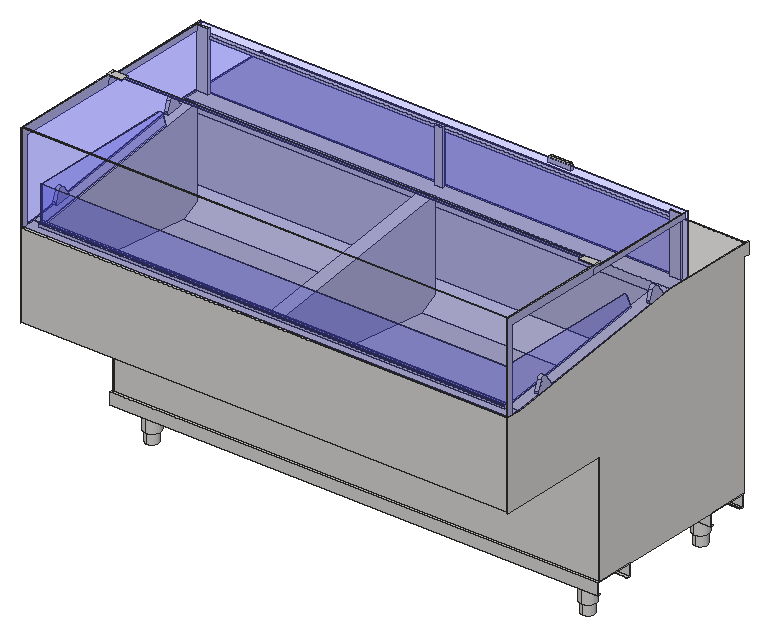
Revit family "Food-Service-Equipment_Oscartek_Rosa-Premium_RDPC1700", category Specialty Equipment, Revit 2026
Family settings
  Round Connector Dimension = Use Diameter
  Part Type = Normal
  Classification Number = 23.40.40.11
  Work Plane-Based = No
  Enable Cutting in Views = No
  Always vertical = Yes
  Cut with Voids When Loaded = No
  Maintain Annotation Orientation = No
  Shared = No
  Room Calculation Point = No
Parameters
  Width = 66.93"
  Weight in Pounds = 0
  Watts = FL Amps * Volts  # 0 W
  Volts = 120 V
  URL Cutsheet = "www.oscartek.com"
  URL = "www.oscartek.com"
  Type Mark [instance] = ""
  Type Comments = "As Specified"
  Test Data = "http://www.oscartek.com/company/clients.php"
  Status [instance] = ""
  Specification by User [instance] = ""
  Specification by Manufacturer = ""
  Specification = "https://www.arcat.com/arcatcos/cos48/arc48760.html"
  Show Fixed Top Front Glass [instance] = no
  Show Clearance [instance] = yes
  Serial Number = ""
  Seismic Rating = ""
  Sales Information = "http://www.oscartek.com/company/contact.php"
  SMACNA No = ""
  Revision Code [instance] = ""
  Revision = "R1_2018-10"
  Product Data = "http://www.oscartek.com/support/manuals/"
  Plumbing Remarks = ""
  Plumbing Connection Type = ""
  Phase = 1
  Omniclass Number and Title = ""
  Number of Poles [instance] = 1
  NAFEM Spec ID Number = ""
  Model = "RDPC1700"
  Min Ckt Ampacity = 0 A
  Max Overcurrent Protection = 0 A
  Masterspec = ""
  Manufacturer Website = "http://www.oscartek.com/index.php"
  Manufacturer Phone - Toll Free = "855-885-2400"
  Manufacturer Phone = "650-342-2400"
  Manufacturer Fax = "650-342-7400"
  Manufacturer Address = "361 Beach Rd., Burlingame, CA 94010"
  Manufacturer = "OSCARTEK"
  Item Number [instance] = ""
  Installed By [instance] = ""
  Installation-Fabrication = "http://www.oscartek.com/support/manuals/"
  Indirect Waste Size = 2"
  Indirect Waste Flow = 0 GPM
  Indirect Waste Connection Type = ""
  Indirect Waste Connection Height = 0.00"
  Identify Quantity as Lot [instance] = yes
  Height = 45.25"
  HP = ""
  Green Building-LEED = "https://www.arcat.com/green/green_building.shtml"
  Furnished By [instance] = ""
  Foodservice Equipment Identifier [instance] = yes
  FL Amps = 0 A
  Electrical Remarks [instance] = ""
  Electric Connection Type [instance] = ""
  Elec Conn RI Height [instance] = 0.00"
  Elec Conn Connection Height [instance] = 0.00"
  Drawn By = "Sumex Design, Inc. / Robert S. Weygant, CSI, CDT, SCIP"
  Description = "ROSA PREMIUM DELI-PASTRY-CHOCOLATE"
  Depth = 41.25"
  Default Elevation = 0.00"
  Cycle = 60 Hz
  Copyright = "©Arcat Inc."
  Construction Details = "http://www.oscartek.com/support/manuals/"
  Conn Plug = ""
  Conn Conduit = yes
  Clearance [instance] = yes
  Category = ""
  CSI MasterFormat = "11 41 33"
  CSI Master Format = "Foodservice Shelving"
  Building Codes = "https://www.arcat.com/arcatcos/cos48/arc48760.html"
  Apparent Power = if(Phase = 3, Volts * FL Amps * 1.73, Volts * FL Amps)  # 0 VA
Reference planes (in)
  plane 1 "BACK": y = 0
  plane 2: z = 0
  plane 3 "LEFT": x = 0
  plane 4 "RIGHT": x = 66.93
  plane 5 "FRONT": y = -41.25
  plane 6 "TOP": z = 45.25
  plane 7 "Center Y": x = 33.465
  plane 8 "Center X": y = -20.625
  plane 9: z = 6
  plane 10: z = 22.03471
  plane 11: z = 21.28711
  plane 12: x = 3.55817
  plane 13: x = 63.37183
  plane 14: y = -23.0828
  plane 15: y = -3.72373
  plane 16: y = -25.44682
  plane 17: z = 43.97317
  plane 18: x = 49.65478
  plane 19: x = 1.52522
Forms (in)
  Extrusion 1, solid, material "QF_Metal-Stainless-Polished"
    sketch origin (0, 0, 0) x (0, 1, 0) y (0, 0, 1)
      loop
        line (0, 35.0588) -> (0, 36.63271) -> (-13.29763, 36.63271) -> (-39.098, 33.0067) -> (-41.25, 33.0067) -> (-41.25, 21.28711) -> (-25.44662, 21.28711) -> (-25.44662, 6) -> (-0.77573, 6) -> (-0.77573, 35.4208) -> (-0.69664, 35.4208) -> (-0.69664, 35.0588) -> (0, 35.0588)
    from 0 to 0.125
  Extrusion 2, solid, material "QF_Metal-Stainless-Polished"
    sketch origin (66.93, 0, 0) x (0, -1, 0) y (0, 0, 1)
      loop
        line (0, 35.0588) -> (0.69664, 35.0588) -> (0.69664, 35.4208) -> (0.77573, 35.4208) -> (0.77573, 6) -> (25.44662, 6) -> (25.44662, 21.28711) -> (41.25, 21.28711) -> (41.25, 33.0067) -> (39.098, 33.0067) -> (13.29763, 36.63271) -> (0, 36.63271) -> (0, 35.0588)
    from 0 to 0.125
  Extrusion 3, solid, material "QF_Metal-Stainless-Polished"
    sketch origin (0.125, 0, 0) x (0, 1, 0) y (0, 0, 1)
      loop
        line (-11.59635, 35.4208) -> (-11.59635, 25.46655) -> (-15.39418, 23.26933) -> (-39.13974, 25.76509) -> (-39.13974, 33.0067) -> (-41.25, 33.0067) -> (-41.25, 21.4208) -> (-9.62896, 21.4208) -> (-9.62896, 35.4208) -> (-0.65768, 35.4208) -> (-0.65768, 35.0588) -> (0, 35.0588) -> (0, 36.22682)
        arc (0, 36.22682) -> (-0.11888, 36.51382) -> (-0.40589, 36.63271) r 0.40589
        line (-0.40589, 36.63271) -> (-13.25289, 36.63271) -> (-13.25289, 35.4208) -> (-11.59635, 35.4208)
    from 0 to 66.68
  Extrusion 4, solid, material "QF_Metal-Stainless-Polished"
    sketch origin (66.93, -25.44662, 21.28711) x (0, 0, -1) y (1, 0, 0)
      loop
        line (-0.13369, -0.125) -> (-0.13369, -66.805) -> (15.28711, -66.805) -> (15.28711, -0.125) -> (-0.13369, -0.125)
    from 0 to -1
  Extrusion 5, solid, material "QF_Metal-Stainless-Polished"
    sketch origin (0.125, 0, 0) x (0, 1, 0) y (0, 0, 1)
      loop
        line (-9.62896, 35.4208) -> (-9.62896, 21.28711) -> (-0.77573, 21.28711) -> (-0.77573, 22.03471) -> (-8.88136, 22.03471) -> (-8.88136, 27.5966) -> (-0.96594, 28.58602) -> (-1.05867, 29.32786) -> (-8.88136, 28.35002) -> (-8.88136, 34.66533) -> (-0.77573, 34.66533) -> (-0.77573, 35.4208) -> (-9.62896, 35.4208)
    from 0 to 66.68
  Extrusion 6, solid, material "QF_Metal-Stainless-Polished"
    sketch origin (66.93, -0.77573, 6) x (-1, 0, 0) y (0, 1, 0)
      loop
        line (65.33923, -23.67089) -> (65.33923, 0) -> (0.125, 0) -> (0.125, -23.67089) -> (65.33923, -23.67089)
    from 0 to -0.125
  Extrusion 7, solid, material "QF_Metal-Stainless-Polished"
    sketch origin (66.93, -0.77573, 35.4208) x (0, 0, -1) y (-1, 0, 0)
      loop
        line (14.13369, 1.59359) -> (14.13369, 0.125) -> (29.2958, 0.125) -> (29.2958, 1.59359) -> (14.13369, 1.59359)
      loop
        line (14.13369, 19.6543) -> (29.2958, 19.6543) -> (29.2958, 21.26756) -> (14.13369, 21.26756) -> (14.13369, 19.6543)
      loop
        line (14.13369, 65.33923) -> (29.2958, 65.33923) -> (29.2958, 66.805) -> (14.13369, 66.805) -> (14.13369, 65.33923)
      loop
        line (28.75251, 58.52054) -> (28.75251, 59.00084) -> (14.13369, 59.00084) -> (14.13369, 58.52054) -> (28.75251, 58.52054)
    from 0 to -23.67089
  Extrusion 8, solid, material "QF_Metal-Stainless-Polished"
    sketch origin (66.93, -0.77573, 35.4208) x (0, 0, -1) y (-1, 0, 0)
      loop
        line (29.2958, 1.59359) -> (29.2958, 19.6543) -> (14.13369, 19.6543) -> (14.13369, 1.59359) -> (29.2958, 1.59359)
    from 0 to -0.125
  Extrusion 9, solid, material "QF_Metal-Stainless-Polished"
    sketch origin (0, 0, 0) x (0, 1, 0) y (0, 0, 1)
      loop
        line (-6.48102, 4.37153) -> (-6.06, 4.37153) -> (-6.06, 4.43842) -> (-6.422, 4.43842) -> (-6.422, 5.9375) -> (-1.02546, 5.9375) -> (-1.02546, 4.43842) -> (-1.38746, 4.43842) -> (-1.38746, 4.37153) -> (-0.96644, 4.37153) -> (-0.96644, 6) -> (-6.48102, 6) -> (-6.48102, 4.37153)
      loop
        line (-25.84009, 4.37153) -> (-25.41907, 4.37153) -> (-25.41907, 4.43842) -> (-25.78107, 4.43842) -> (-25.78107, 5.9375) -> (-20.38453, 5.9375) -> (-20.38453, 4.43842) -> (-20.74653, 4.43842) -> (-20.74653, 4.37153) -> (-20.32551, 4.37153) -> (-20.32551, 6) -> (-25.84009, 6) -> (-25.84009, 4.37153)
    from 0 to 66.93
  Revolve 10, solid, material "QF_Metal-Stainless-Polished"
    sketch origin (3.55817, -180, 1.47948) x (0, 0, -1) y (0, -1, 0)
      loop
        line (1.47948, -156.9172) -> (-4.52052, -156.9172) -> (-4.52052, -158.59046) -> (-3.61998, -158.59046) -> (-3.61998, -158.01598) -> (0.00001, -158.01598) -> (0.00001, -157.7799) -> (1.47948, -157.7799) -> (1.47948, -156.9172)
      axis (-4.52052, -156.9172) -> (1.47948, -156.9172)
    angle from 0 to 360
  Revolve 11, solid, material "QF_Metal-Stainless-Polished"
    sketch origin (63.37183, -180, 1.47948) x (0, 0, -1) y (0, -1, 0)
      loop
        line (1.47948, -156.9172) -> (-4.52052, -156.9172) -> (-4.52052, -158.59046) -> (-3.61998, -158.59046) -> (-3.61998, -158.01598) -> (0.00001, -158.01598) -> (0.00001, -157.7799) -> (1.47948, -157.7799) -> (1.47948, -156.9172)
      axis (-4.52052, -156.9172) -> (1.47948, -156.9172)
    angle from 0 to 360
  Revolve 12, solid, material "QF_Metal-Stainless-Polished"
    sketch origin (3.55817, -160.64093, 1.47948) x (0, 0, -1) y (0, -1, 0)
      loop
        line (1.47948, -156.9172) -> (-4.52052, -156.9172) -> (-4.52052, -158.59046) -> (-3.61998, -158.59046) -> (-3.61998, -158.01598) -> (0.00001, -158.01598) -> (0.00001, -157.7799) -> (1.47948, -157.7799) -> (1.47948, -156.9172)
      axis (-4.52052, -156.9172) -> (1.47948, -156.9172)
    angle from 0 to 360
  Revolve 13, solid, material "QF_Metal-Stainless-Polished"
    sketch origin (63.37183, -180, 1.47948) x (0, 0, -1) y (0, -1, 0)
      loop
        line (1.47948, -176.27627) -> (-4.52052, -176.27627) -> (-4.52052, -177.94953) -> (-3.61998, -177.94953) -> (-3.61998, -177.37505) -> (0.00001, -177.37505) -> (0.00001, -177.13897) -> (1.47948, -177.13897) -> (1.47948, -176.27627)
      axis (-4.52052, -176.27627) -> (1.47948, -176.27627)
    angle from 0 to 360
  Extrusion 14, solid, material "Glass"
    sketch origin (0, 0, 0) x (0, -1, 0) y (0, 0, 1)
      loop
        line (41.1859, 45.25) -> (25.44682, 45.25) -> (25.44682, 44.85652) -> (10.21926, 44.85652) -> (10.21926, 36.63271) -> (13.29763, 36.63271) -> (39.098, 33.0067) -> (41.1859, 33.0067) -> (41.1859, 45.25)
    from 0 to -0.125
  Extrusion 15, solid, material "Glass"
    sketch origin (66.93, 0, 0) x (0, 1, 0) y (0, 0, 1)
      loop
        line (-41.1859, 45.25) -> (-41.1859, 33.0067) -> (-39.098, 33.0067) -> (-13.29763, 36.63271) -> (-10.21926, 36.63271) -> (-10.21926, 44.85652) -> (-25.44682, 44.85652) -> (-25.44682, 45.25) -> (-41.1859, 45.25)
    from 0 to -0.125
  Extrusion 16, solid, material "Glass"
    sketch origin (0, -41.1859, 45.25) x (0, 0, -1) y (1, 0, 0)
      loop
        line (0, 0.125) -> (12.2433, 0.125) -> (12.2433, 66.805) -> (0, 66.805) -> (0, 0.125)
    from 0 to -0.125
  Extrusion 17, solid, material "Glass"
    sketch origin (15.875, -72.68116, 45.25) x (0, 1, 0) y (-1, 0, 0)
      loop
        line (31.62026, -50.93) -> (47.23434, -50.93) -> (47.23434, 15.75) -> (31.62026, 15.75) -> (31.62026, -50.93)
    from 0 to -0.125
  Extrusion 18, solid, material "Glass"
    sketch origin (66.93, -25.44682, 44.85652) x (0, 1, 0) y (-1, 0, 0)
      loop
        line (15.22756, 0.125) -> (15.22756, 66.805) -> (0, 66.805) -> (0, 0.125) -> (15.22756, 0.125)
    from 0 to -0.125
  Extrusion 19, solid, material "QF_Metal-Stainless-Polished"
    sketch origin (66.93, 0, 0) x (0, 1, 0) y (0, 0, 1)
      loop
        line (-39.62534, 33.10521) -> (-39.62534, 33.40018) -> (-39.8811, 33.40018) -> (-39.92044, 33.36083) -> (-39.92044, 33.0067) -> (-39.13349, 33.0067) -> (-39.13349, 33.36083) -> (-39.17284, 33.40018) -> (-39.42698, 33.40018) -> (-39.42698, 33.10521) -> (-39.62534, 33.10521)
    from -1.52522 to -65.40478
  Extrusion 20, solid, material "Glass"
    sketch origin (65.40478, 0, 0) x (0, 1, 0) y (0, 0, 1)
      loop
        line (-39.44827, 33.10521) -> (-39.44827, 38.1219) -> (-39.60566, 38.1219) -> (-39.60566, 33.10521) -> (-39.44827, 33.10521)
    from 0 to -63.87955
  Extrusion 21, solid, material "QF_Metal-Stainless-Polished"
    sketch origin (66.805, 0, 0) x (0, -1, 0) y (0, 0, 1)
      loop
        line (39.13974, 33.00083) -> (13.25289, 36.63899) -> (13.25289, 24.50817) -> (15.39418, 23.26933) -> (39.13974, 25.76509) -> (39.13974, 33.00083)
    from 0 to 1.6974
  Extrusion 22, solid, material "QF_Metal-Stainless-Polished"
    sketch origin (0.125, 0, 0) x (0, -1, 0) y (0, 0, -1)
      loop
        line (39.13974, -33.00083) -> (39.13974, -25.76509) -> (15.39418, -23.26933) -> (13.25289, -24.50817) -> (13.25289, -36.63899) -> (39.13974, -33.00083)
    from 0 to 1.6974
  Extrusion 23, solid, material "Glass"
    sketch origin (65.40478, 0, 0) x (0, 1, 0) y (0, 0, 1)
      loop
        line (-19.503, 38.1219) -> (-39.4423, 38.1219) -> (-39.4423, 33.0067) -> (-39.098, 33.0067) -> (-18.16116, 35.94918) -> (-18.76351, 37.6041)
        arc (-18.76351, 37.6041) -> (-19.05162, 37.97958) -> (-19.503, 38.1219) r 0.78695
    from 0 to -0.125
  Extrusion 24, solid, material "Glass"
    sketch origin (1.52522, 0, 0) x (0, -1, 0) y (0, 0, 1)
      loop
        arc (19.503, 38.1219) -> (19.05162, 37.97958) -> (18.76351, 37.6041) r 0.78695
        line (18.76351, 37.6041) -> (18.16116, 35.94918) -> (39.098, 33.0067) -> (39.4423, 33.0067) -> (39.4423, 38.1219) -> (19.503, 38.1219)
    from 0 to -0.125
  Extrusion 25, solid, material "QF_Metal-Stainless-Polished"
    sketch origin (66.805, 0, 0) x (0, -1, 0) y (0, 0, 1)
      loop
        line (25.44682, 44.08334) -> (40.39895, 44.08334) -> (40.39895, 33.0067) -> (41.1859, 33.0067) -> (41.1859, 45.25) -> (25.44682, 45.25) -> (25.44682, 44.08334)
    from 0 to 0.125
  Extrusion 26, solid, material "QF_Metal-Stainless-Polished"
    sketch origin (0.125, 0, 0) x (0, 1, 0) y (0, 0, 1)
      loop
        line (-25.44682, 44.08334) -> (-25.44682, 45.25) -> (-41.1859, 45.25) -> (-41.1859, 33.0067) -> (-40.39895, 33.0067) -> (-40.39895, 44.08334) -> (-25.44682, 44.08334)
    from 0 to 0.125
  Extrusion 27, solid, material "QF_Metal-Stainless-Polished"
    sketch origin (66.805, 0, 0) x (0, -1, 0) y (0, 0, 1)
      loop
        line (34.52344, 35.17744) -> (33.73363, 34.04948)
        arc (33.73363, 34.04948) -> (33.70856, 33.87107) -> (33.83816, 33.74592) r 0.19842
        line (33.83816, 33.74592) -> (35.62083, 33.49539)
        arc (35.62083, 33.49539) -> (35.7799, 33.57997) -> (35.80497, 33.75837) r 0.19842
        line (35.80497, 33.75837) -> (35.35667, 35.06034)
        arc (35.35667, 35.06034) -> (34.97594, 35.37419) -> (34.52344, 35.17744) r 0.47217
      loop
        line (15.3827, 37.8675) -> (14.59289, 36.73954)
        arc (14.59289, 36.73954) -> (14.56803, 36.56264) -> (14.69653, 36.43855) r 0.19674
        line (14.69653, 36.43855) -> (16.48165, 36.18767)
        arc (16.48165, 36.18767) -> (16.63937, 36.27153) -> (16.66423, 36.44843) r 0.19674
        line (16.66423, 36.44843) -> (16.21593, 37.7504)
        arc (16.21593, 37.7504) -> (15.83519, 38.06425) -> (15.3827, 37.8675) r 0.47217
    from 0 to 0.5
  Extrusion 28, solid, material "QF_Metal-Stainless-Polished"
    sketch origin (0.125, 0, 0) x (0, 1, 0) y (0, 0, 1)
      loop
        arc (-34.52344, 35.17744) -> (-34.97594, 35.37419) -> (-35.35667, 35.06034) r 0.47217
        line (-35.35667, 35.06034) -> (-35.80497, 33.75837)
        arc (-35.80497, 33.75837) -> (-35.7799, 33.57997) -> (-35.62083, 33.49539) r 0.19842
        line (-35.62083, 33.49539) -> (-33.83816, 33.74592)
        arc (-33.83816, 33.74592) -> (-33.70856, 33.87107) -> (-33.73363, 34.04948) r 0.19842
        line (-33.73363, 34.04948) -> (-34.52344, 35.17744)
      loop
        arc (-15.3827, 37.8675) -> (-15.83519, 38.06425) -> (-16.21593, 37.7504) r 0.47217
        line (-16.21593, 37.7504) -> (-16.66423, 36.44843)
        arc (-16.66423, 36.44843) -> (-16.63937, 36.27153) -> (-16.48165, 36.18767) r 0.19674
        line (-16.48165, 36.18767) -> (-14.69653, 36.43855)
        arc (-14.69653, 36.43855) -> (-14.56803, 36.56264) -> (-14.59289, 36.73954) r 0.19674
        line (-14.59289, 36.73954) -> (-15.3827, 37.8675)
    from 0 to 0.5
  Extrusion 29, solid, material "QF_Metal-Stainless-Polished"
    sketch origin (15.875, -72.68116, 45.25) x (0, 1, 0) y (-1, 0, 0)
      loop
        line (47.23434, 15.875) -> (46.23413, 15.875) -> (46.23413, 13.8228) -> (47.23434, 13.8228) -> (47.23434, 15.875)
      loop
        line (47.23434, -51.055) -> (47.23434, -49.0028) -> (46.23413, -49.0028) -> (46.23413, -51.055) -> (47.23434, -51.055)
    from 0 to 0.125
  Extrusion 30, solid, material "QF_Metal-Stainless-Polished"
    sketch origin (0.125, -11.04556, 43.90338) x (0, 0, 1) y (-1, 0, 0)
      loop
        line (0.95314, -0.125) -> (-7.10536, -0.125) -> (-7.10536, -1.67714) -> (0.95314, -1.67714) -> (0.95314, -0.125)
      loop
        line (0.95314, -66.555) -> (0.95314, -65.00286) -> (-7.10536, -65.00286) -> (-7.10536, -66.555) -> (0.95314, -66.555)
      loop
        line (-7.27068, -32.76913) -> (-7.27068, -33.903) -> (0.14627, -33.903) -> (0.14627, -32.76913) -> (-7.27068, -32.76913)
    from 0 to 0.25
  Extrusion 31, solid, material "QF_Metal-Stainless-Polished"
    sketch origin (66.805, -10.21926, 44.85652) x (-1, 0, 0) y (0, 0, 1)
      loop
        arc (16.40114, 0.17913) -> (16.1229, 0.06388) -> (16.00766, -0.21435) r 0.39348
        line (16.00766, -0.21435) -> (16.00766, -0.67482) -> (19.15549, -0.67482) -> (19.15549, -0.21435)
        arc (19.15549, -0.21435) -> (19.04024, 0.06388) -> (18.76201, 0.17913) r 0.39348
        line (18.76201, 0.17913) -> (16.40114, 0.17913)
    from 0 to 0.25
  Extrusion 32, solid, material "QF_Metal-Stainless-Polished"
    sketch origin (0.125, 0, 0) x (0, 1, 0) y (0, 0, 1)
      loop
        line (-26.43051, 44.7975) -> (-26.43051, 44.12269) -> (-10.68356, 44.12269) -> (-10.68356, 44.7975) -> (-26.43051, 44.7975)
    from 0 to 0.125
  Extrusion 33, solid, material "QF_Metal-Stainless-Polished"
    sketch origin (66.805, 0, 0) x (0, -1, 0) y (0, 0, 1)
      loop
        line (26.43051, 44.7975) -> (10.68356, 44.7975) -> (10.68356, 44.12269) -> (26.43051, 44.12269) -> (26.43051, 44.7975)
    from 0 to 0.125
  Extrusion 34, solid, material "Glass"
    sketch origin (65.12786, -11.04556, 44.85652) x (0, 0, -1) y (0, -1, 0)
      loop
        line (0.9227, 0) -> (0.9227, -0.27543) -> (8.0585, -0.27543) -> (8.0585, 0) -> (0.9227, 0)
    from 0 to 31.09986
  Extrusion 35, solid, material "QF_Metal-Stainless-Polished"
    sketch origin (1.80214, -11.04556, 44.85652) x (0, 0, -1) y (0, 1, 0)
      loop
        line (0.88336, -0.05902) -> (1.27683, -0.05902) -> (1.27683, -0.01967) -> (0.9227, -0.01967) -> (0.9227, 0.29511) -> (1.27683, 0.29511) -> (1.27683, 0.33446) -> (0.88336, 0.33446) -> (0.88336, -0.05902)
    from 0 to 63.32573
  Extrusion 36, solid, material "QF_Metal-Stainless-Polished"
    sketch origin (66.93, -0.77573, 35.4208) x (0, 0, -1) y (-1, 0, 0)
      loop
        line (16.75243, 7.00393) -> (16.75243, 14.23298) -> (15.30308, 14.23298) -> (15.30308, 7.00393) -> (16.75243, 7.00393)
    from 0 to 0.125
  Extrusion 37, solid, material "QF_Metal-Stainless-Polished"
    sketch origin (66.93, -0.77573, 6) x (0, -1, 0) y (-1, 0, 0)
      loop
        circle (15.93285, 3.93606) r 0.64945
      loop
        circle (15.93285, 5.05621) r 0.25
      loop
        circle (15.93285, 62.99394) r 0.64945
    from 0 to 0.125
  Extrusion 38, solid, material "QF_Metal-Stainless-Polished"
    sketch origin (66.93, -0.77573, 35.4208) x (0, 0, -1) y (-1, 0, 0)
      loop
        line (28.75251, 59.00084) -> (28.75251, 21.26756) -> (29.2958, 21.26756) -> (29.2958, 59.00084) -> (28.75251, 59.00084)
    from 0 to -23.67089
  Extrusion 39, solid, material "Glass"
    sketch origin (32.89413, -11.04556, 36.72095) x (0, 0, -1) y (0, -1, 0)
      loop
        line (-7.21287, 0) -> (-7.21287, -0.27543) -> (-0.07708, -0.27543) -> (-0.07708, 0) -> (-7.21287, 0)
    from 0 to 31.09986
  Extrusion 40, solid, material "QF_Metal-Stainless-Polished"
    sketch origin (33.465, 6.90541, 48) x (0, 1, 0) y (0, 0, 1)
      loop
        line (-46.04515, -14.99917) -> (-46.04515, -22.23491) -> (-22.29959, -24.73067) -> (-20.15829, -23.49183) -> (-20.15829, -11.36101) -> (-46.04515, -14.99917)
    from -1 to 1
  Extrusion 41, solid, material "QF_Metal-Stainless-Polished"
    sketch origin (66.93, -0.65073, 35.34409) x (0, 0, -1) y (-1, 0, 0)
      loop
        line (15.44754, 8.35075) -> (16.35673, 8.35075) -> (16.35673, 12.93085) -> (15.44754, 12.93085) -> (15.44754, 8.35075)
    from 0 to 0.125
  Extrusion 42, solid, material "QF_Metal-Stainless-Polished"
    sketch origin (66.93, -0.52573, 35.34409) x (0, 0, -1) y (-1, 0, 0)
      loop
        line (15.82413, 10.59358) -> (15.82413, 11.08149) -> (15.46655, 11.08149) -> (15.46655, 10.59358) -> (15.82413, 10.59358)
      loop
        line (15.82413, 11.20347) -> (15.82413, 11.69139) -> (15.46655, 11.69139) -> (15.46655, 11.20347) -> (15.82413, 11.20347)
      loop
        line (15.82413, 11.81336) -> (15.82413, 12.30128) -> (15.46655, 12.30128) -> (15.46655, 11.81336) -> (15.82413, 11.81336)
      loop
        line (15.82413, 12.42326) -> (15.82413, 12.91117) -> (15.46655, 12.91117) -> (15.46655, 12.42326) -> (15.82413, 12.42326)
      loop
        line (15.98771, 12.42326) -> (16.33769, 12.42326) -> (16.33769, 12.91117) -> (15.98771, 12.91117) -> (15.98771, 12.42326)
      loop
        line (15.98771, 12.30128) -> (15.98771, 11.81336) -> (16.33769, 11.81336) -> (16.33769, 12.30128) -> (15.98771, 12.30128)
      loop
        line (15.98771, 11.69139) -> (15.98771, 11.20347) -> (16.33769, 11.20347) -> (16.33769, 11.69139) -> (15.98771, 11.69139)
      loop
        line (15.98771, 11.08149) -> (15.98771, 10.59358) -> (16.33769, 10.59358) -> (16.33769, 11.08149) -> (15.98771, 11.08149)
      loop
        line (16.33769, 10.41258) -> (15.46655, 10.41258) -> (15.46655, 8.37042) -> (16.33769, 8.37042) -> (16.33769, 10.41258)
    from 0 to 0.0625
Lines and regions (in)
  Split face 1
    outline origin (66.93, -0.77573, 35.4208) x (0, 0, -1) y (-1, 0, 0)
      loop
        line (29.21549, 5.24902) -> (29.21549, 16.01487) -> (21.47268, 16.01487) -> (18.44964, 12.99183) -> (18.44964, 5.24902) -> (29.21549, 5.24902)
  symbolic lines
    curve 1: line (0, 0, 0) -> (66.93, 0, 0)
    curve 2: line (0, -41.25, 0) -> (0, 0, 0)
    curve 3: line (66.93, -41.25, 0) -> (0, -41.25, 0)
    curve 4: line (66.93, 0, 0) -> (66.93, -41.25, 0)
    curve 5: line (66.805, -25.44682, 0) -> (0.125, -25.44682, 0)
    curve 6: line (66.805, -10.21926, 0) -> (0.125, -10.21926, 0)
    curve 7: line (64.8778, -26.44703, 0) -> (66.93, -26.44703, 0)
    curve 8: line (64.8778, -25.44682, 0) -> (64.8778, -26.44703, 0)
    curve 9: line (0, -26.44703, 0) -> (2.0522, -26.44703, 0)
    curve 10: line (2.0522, -26.44703, 0) -> (2.0522, -25.44682, 0)
Dimensions and locks (in)
  equal spacing: plane 3 "LEFT", plane 7 "Center Y", plane 4 "RIGHT"
  "Width": plane 3 "LEFT" to plane 4 "RIGHT"
  equal spacing: plane 5 "FRONT", plane 8 "Center X", plane 1 "BACK"
  "Depth": plane 5 "FRONT" to plane 1 "BACK"
  "Height": plane 6 "TOP" to level
  plane 5 "FRONT" to plane 1 "BACK" = 41.25"
  plane 6 "TOP" to level = 45.25"
  plane 2 to plane 9 = 6.00"
  locked: plane 4 "RIGHT" to plane 13 at 3.55817
  aligned and locked: level to plane 2
  aligned and locked: Extrusion 3 to Extrusion 2
  aligned and locked: Extrusion 4 to Extrusion 1
  aligned and locked: Extrusion 9 to plane 4 "RIGHT"
  aligned and locked: Extrusion 6 to Extrusion 7
Automatic sketch dimensions
  plane 1 "BACK" to curve 1 = 0.00"
  curve 1 to plane 3 "LEFT" = 0.00"
  curve 4 to plane 4 "RIGHT" = 0.00"
  plane 5 "FRONT" to curve 3 = 0.00"
  curve 10 to plane 19 = 0.52698"
  plane 13 to curve 7 = 1.50596"
  curve 9 to plane 14 = 3.36423"
  curve 8 to plane 14 = 3.36423"
  plane 3 "LEFT" to curve 6 = 0.125"
  plane 3 "LEFT" to curve 5 = 0.125"
  plane 4 "RIGHT" to curve 5 = 0.125"
  plane 4 "RIGHT" to curve 6 = 0.125"
  curve 7 to curve 5 = 1.00021"
  curve 6 to plane 15 = 6.49553"
  Extrusion 1 sketch curve to plane 5 "FRONT" = 0.00"
  plane 9 to Extrusion 1 sketch curve = 0.00"
  Extrusion 1 sketch curve to plane 1 "BACK" = 0.00"
  Extrusion 1 sketch curve to plane 5 "FRONT" = 2.152"
  plane 11 to Extrusion 1 sketch curve = 0.00"
  Extrusion 1 sketch curve to plane 14 = 2.36381"
  plane 8 "Center X" to Extrusion 1 sketch curve = 7.32737"
  plane 1 "BACK" to Extrusion 1 sketch curve = 0.77573"
  Extrusion 1 sketch curve to Extrusion 1 sketch curve = 0.07909"
  Extrusion 1 sketch curve to plane 17 = 10.96647"
  Extrusion 1 sketch curve to plane 17 = 8.91437"
  Extrusion 1 sketch curve to Extrusion 1 sketch curve = 0.362"
  Extrusion 1 sketch curve to plane 17 = 7.34046"
  Extrusion 2 sketch curve to plane 1 "BACK" = 0.00"
  plane 9 to Extrusion 2 sketch curve = 0.00"
  Extrusion 2 sketch curve to plane 5 "FRONT" = 0.00"
  plane 1 "BACK" to Extrusion 2 sketch curve = 0.69664"
  plane 1 "BACK" to Extrusion 2 sketch curve = 0.77573"
  plane 8 "Center X" to Extrusion 2 sketch curve = 7.32737"
  Extrusion 2 sketch curve to plane 14 = 2.36381"
  Extrusion 2 sketch curve to plane 5 "FRONT" = 2.152"
  plane 11 to Extrusion 2 sketch curve = 0.00"
  Extrusion 2 sketch curve to plane 17 = 10.96647"
  Extrusion 2 sketch curve to plane 17 = 8.91437"
  Extrusion 2 sketch curve to Extrusion 2 sketch curve = 0.362"
  Extrusion 2 sketch curve to plane 17 = 7.34046"
  Extrusion 3 sketch curve to Extrusion 1 = 0.00"  (x6)
  Extrusion 1 to Extrusion 3 sketch curve = 0.00"
  Extrusion 3 sketch curve to Extrusion 1 = 2.11026"
  Extrusion 3 sketch curve to Extrusion 1 = 1.98222"
  Extrusion 3 sketch curve to Extrusion 1 = 10.05243"
  Extrusion 3 sketch curve to Extrusion 1 = 12.19373"
  Extrusion 3 sketch curve to Extrusion 1 = 4.17945"
  Extrusion 3 sketch curve to Extrusion 3 sketch curve = 3.79783"
  Extrusion 3 sketch curve to Extrusion 3 sketch curve = 1.96739"
  Extrusion 3 sketch curve to Extrusion 1 = 0.03895"
  Extrusion 3 sketch curve to Extrusion 1 = 0.29075"
  Extrusion 3 sketch curve to Extrusion 1 = 0.13369"
  Extrusion 3 sketch curve to Extrusion 1 = 4.47798"
  Extrusion 4 sketch curve to Extrusion 2 = 0.00"  (x2)
  Extrusion 4 sketch curve to Extrusion 2 = 0.13369"
  Extrusion 4 sketch curve to Extrusion 2 = 66.68"
  Extrusion 5 sketch curve to Extrusion 1 = 0.00"  (x3)
  Extrusion 5 sketch curve to Extrusion 1 = 0.19021"
  Extrusion 5 sketch curve to Extrusion 1 = 0.28294"
  Extrusion 1 to Extrusion 5 sketch curve = 0.39347"
  Extrusion 5 sketch curve to Extrusion 1 = 8.10563"
  Extrusion 5 sketch curve to Extrusion 5 sketch curve = 0.00"
  Extrusion 1 to Extrusion 5 sketch curve = 0.00"
  Extrusion 5 sketch curve to Extrusion 5 sketch curve = 0.74761"
  Extrusion 5 sketch curve to Extrusion 1 = 0.74761"
  Extrusion 5 sketch curve to Extrusion 5 sketch curve = 5.56188"
  Extrusion 5 sketch curve to Extrusion 5 sketch curve = 0.75342"
  Extrusion 6 sketch curve to Extrusion 2 = 0.00"  (x2)
  Extrusion 6 sketch curve to Extrusion 2 = 1.00"
  Extrusion 2 to Extrusion 6 sketch curve = 65.21423"
  Extrusion 7 sketch curve to Extrusion 2 = 0.00"
  Extrusion 7 sketch curve to Extrusion 2 = 1.46859"
  Extrusion 7 sketch curve to Extrusion 2 = 14.13369"  (x3)
  Extrusion 7 sketch curve to Extrusion 7 sketch curve = 0.00"
  Extrusion 2 to Extrusion 7 sketch curve = 0.66829"
  Extrusion 2 to Extrusion 7 sketch curve = 0.125"  (x3)
  Extrusion 7 sketch curve to Extrusion 7 sketch curve = 18.06071"
  Extrusion 7 sketch curve to Extrusion 7 sketch curve = 1.61327"
  Extrusion 7 sketch curve to Extrusion 7 sketch curve = 37.25297"
  Extrusion 7 sketch curve to Extrusion 7 sketch curve = 0.4803"
  Extrusion 7 sketch curve to Extrusion 7 sketch curve = 6.33839"
  Extrusion 7 sketch curve to Extrusion 7 sketch curve = 1.46577"
  Extrusion 7 to Extrusion 8 sketch curve = 0.00"
  Extrusion 8 sketch curve to Extrusion 7 = 0.00"  (x3)
  Split face 1 sketch curve to Extrusion 8 = 4.31595"
  Split face 1 sketch curve to Extrusion 8 = 3.63942"
  Split face 1 sketch curve to Split face 1 sketch curve = 3.02304"  (x2)
  Split face 1 sketch curve to Extrusion 8 = 0.0803"
  Split face 1 sketch curve to Extrusion 8 = 3.65542"
  plane 9 to Extrusion 9 sketch curve = 0.00"  (x2)
  Extrusion 9 sketch curve to plane 14 = 2.75729"
  Extrusion 9 sketch curve to Extrusion 9 sketch curve = 0.05902"  (x4)
  Extrusion 9 sketch curve to Extrusion 9 sketch curve = 0.362"  (x2)
  Extrusion 9 sketch curve to plane 8 "Center X" = 0.12153"
  plane 8 "Center X" to Extrusion 9 sketch curve = 0.24047"
  Extrusion 9 sketch curve to plane 15 = 2.75729"
  plane 1 "BACK" to Extrusion 9 sketch curve = 1.38746"
  plane 9 to Extrusion 9 sketch curve = 0.0625"  (x2)
  plane 1 "BACK" to Extrusion 9 sketch curve = 1.02546"
  Extrusion 9 sketch curve to Extrusion 9 sketch curve = 1.49908"  (x4)
  Extrusion 9 sketch curve to Extrusion 9 sketch curve = 0.06689"  (x4)
  plane 9 to Revolve 10 sketch curve = 0.00"
  Revolve 10 sketch curve to plane 14 = 0.00"  (x2)
  Revolve 10 sketch curve to level = 0.00"
  plane 9 to Revolve 10 sketch curve = 0.90054"
  level to Revolve 10 sketch curve = 1.47947"
  plane 14 to Revolve 10 sketch curve = 0.8627"
  plane 14 to Revolve 10 sketch curve = 1.09878"
  Revolve 10 sketch curve to plane 8 "Center X" = 0.78454"
  Revolve 10 sketch curve to Revolve 10 sketch curve = 1.09137"
  Revolve 10 sketch curve to Revolve 10 sketch curve = 0.75"
  plane 9 to Revolve 11 sketch curve = 0.00"
  Revolve 11 sketch curve to plane 14 = 0.00"  (x2)
  Revolve 11 sketch curve to level = 0.00"
  Revolve 11 sketch curve to plane 9 = 0.90054"
  Revolve 11 sketch curve to level = 1.47947"
  Revolve 11 sketch curve to plane 14 = 0.8627"
  Revolve 11 sketch curve to plane 14 = 1.09878"
  plane 8 "Center X" to Revolve 11 sketch curve = 0.78454"
  Revolve 11 sketch curve to plane 9 = 1.09137"
  Revolve 11 sketch curve to Revolve 11 sketch curve = 0.75"
  plane 9 to Revolve 12 sketch curve = 0.00"
  Revolve 12 sketch curve to plane 15 = 0.00"  (x2)
  Revolve 12 sketch curve to level = 0.00"
  plane 9 to Revolve 12 sketch curve = 0.90054"
  level to Revolve 12 sketch curve = 1.47947"
  plane 15 to Revolve 12 sketch curve = 0.8627"
  plane 15 to Revolve 12 sketch curve = 1.09878"
  Revolve 12 sketch curve to Revolve 12 sketch curve = 0.57448"
  plane 9 to Revolve 12 sketch curve = 1.09137"
  Revolve 12 sketch curve to Revolve 12 sketch curve = 0.75"
  plane 9 to Revolve 13 sketch curve = 0.00"
  Revolve 13 sketch curve to plane 15 = 0.00"  (x2)
  Revolve 13 sketch curve to level = 0.00"
  Revolve 13 sketch curve to plane 9 = 0.90054"
  Revolve 13 sketch curve to level = 1.47947"
  Revolve 13 sketch curve to plane 15 = 0.8627"
  Revolve 13 sketch curve to plane 15 = 1.09878"
  Revolve 13 sketch curve to Revolve 13 sketch curve = 0.57448"
  Revolve 13 sketch curve to plane 9 = 1.09137"
  Revolve 13 sketch curve to Revolve 13 sketch curve = 0.75"
  Extrusion 14 sketch curve to Extrusion 1 = 0.00"  (x4)
  Extrusion 14 sketch curve to Extrusion 14 sketch curve = 3.07837"
  Extrusion 1 to Extrusion 14 sketch curve = 0.00021"
  Extrusion 14 sketch curve to Extrusion 1 = 0.0641"
  Extrusion 1 to Extrusion 14 sketch curve = 8.22382"
  Extrusion 14 sketch curve to Extrusion 14 sketch curve = 0.39348"
  Extrusion 15 sketch curve to Extrusion 2 = 0.00"  (x4)
  Extrusion 15 sketch curve to Extrusion 2 = 0.0641"
  Extrusion 2 to Extrusion 15 sketch curve = 0.00021"
  Extrusion 15 sketch curve to Extrusion 15 sketch curve = 3.07837"
  Extrusion 2 to Extrusion 15 sketch curve = 8.22382"
  Extrusion 15 sketch curve to Extrusion 15 sketch curve = 0.39348"
  Extrusion 16 sketch curve to Extrusion 14 = 0.00"  (x2)
  Extrusion 14 to Extrusion 16 sketch curve = 0.00"
  Extrusion 16 sketch curve to Extrusion 14 = 66.68"
  Extrusion 17 sketch curve to Extrusion 14 = 0.00"
  Extrusion 14 to Extrusion 17 sketch curve = 0.00"
  Extrusion 14 to Extrusion 17 sketch curve = 0.125"
  Extrusion 17 sketch curve to Extrusion 14 = 66.68"
  Extrusion 18 sketch curve to Extrusion 15 = 0.00"  (x3)
  Extrusion 18 sketch curve to Extrusion 15 = 66.68"
  Extrusion 19 sketch curve to Extrusion 2 = 0.00"
  Extrusion 19 sketch curve to Extrusion 2 = 1.32956"
  Extrusion 2 to Extrusion 19 sketch curve = 0.39348"
  Extrusion 19 sketch curve to Extrusion 19 sketch curve = 0.03935"  (x3)
  Extrusion 19 sketch curve to Extrusion 19 sketch curve = 0.25576"
  Extrusion 19 sketch curve to Extrusion 19 sketch curve = 0.19836"
  Extrusion 19 sketch curve to Extrusion 19 sketch curve = 0.25414"
  Extrusion 2 to Extrusion 19 sketch curve = 0.09851"
  Extrusion 19 sketch curve to Extrusion 19 sketch curve = 0.35413"
  Extrusion 19 sketch curve to Extrusion 19 sketch curve = 0.00"
  Extrusion 20 sketch curve to Extrusion 19 = 0.00"
  Extrusion 19 to Extrusion 20 sketch curve = 0.01967"
  Extrusion 19 to Extrusion 20 sketch curve = 0.0213"
  Extrusion 19 to Extrusion 20 sketch curve = 4.72172"
  Extrusion 21 sketch curve to Extrusion 2 = 0.00"
  Extrusion 2 to Extrusion 21 sketch curve = 0.00"
  Extrusion 2 to Extrusion 21 sketch curve = 0.00629"
  Extrusion 21 sketch curve to Extrusion 2 = 1.98222"
  Extrusion 21 sketch curve to Extrusion 21 sketch curve = 2.1413"
  Extrusion 21 sketch curve to Extrusion 2 = 2.11026"
  Extrusion 21 sketch curve to Extrusion 21 sketch curve = 1.23884"
  Extrusion 21 sketch curve to Extrusion 2 = 4.47798"
  plane 8 "Center X" to Extrusion 22 sketch curve = 7.37211"
  Extrusion 22 sketch curve to plane 10 = 1.23462"
  Extrusion 22 sketch curve to Extrusion 22 sketch curve = 2.1413"
  Extrusion 22 sketch curve to plane 5 "FRONT" = 2.11026"
  Extrusion 22 sketch curve to plane 10 = 2.47346"
  Extrusion 22 sketch curve to plane 10 = 3.73037"
  Extrusion 22 sketch curve to Extrusion 22 sketch curve = 7.23575"
  Extrusion 22 sketch curve to plane 17 = 7.33417"
  Extrusion 20 to Extrusion 23 sketch curve = 0.00"
  Extrusion 20 to Extrusion 23 sketch curve = 0.00597"
  Extrusion 20 to Extrusion 23 sketch curve = 0.09851"
  Extrusion 23 sketch curve to Extrusion 23 sketch curve = 0.34429"
  Extrusion 23 sketch curve to Extrusion 20 = 0.78695"
  Extrusion 20 to Extrusion 23 sketch curve = 19.94527"
  Extrusion 23 sketch curve to Extrusion 20 = 0.5178"
  Extrusion 23 sketch curve to Extrusion 20 = 2.17272"
  Extrusion 23 sketch curve to Extrusion 23 sketch curve = 0.60234"
  Extrusion 24 sketch curve to Extrusion 20 = 0.00"
  Extrusion 24 sketch curve to Extrusion 20 = 2.17272"
  Extrusion 20 to Extrusion 24 sketch curve = 21.28711"
  Extrusion 24 sketch curve to Extrusion 20 = 0.5178"
  Extrusion 24 sketch curve to Extrusion 24 sketch curve = 0.60234"
  Extrusion 24 sketch curve to Extrusion 24 sketch curve = 0.73949"
  Extrusion 20 to Extrusion 24 sketch curve = 0.09851"
  Extrusion 20 to Extrusion 24 sketch curve = 0.35027"
  Extrusion 20 to Extrusion 24 sketch curve = 0.00597"
  Extrusion 25 sketch curve to Extrusion 15 = 0.00"  (x3)
  Extrusion 15 to Extrusion 25 sketch curve = 0.00"
  Extrusion 25 sketch curve to Extrusion 15 = 0.78695"
  Extrusion 25 sketch curve to Extrusion 15 = 0.77318"
  Extrusion 26 sketch curve to Extrusion 14 = 0.00"  (x3)
  Extrusion 14 to Extrusion 26 sketch curve = 0.00"
  Extrusion 26 sketch curve to Extrusion 14 = 0.78695"
  Extrusion 26 sketch curve to Extrusion 14 = 0.77318"
  Extrusion 15 to Extrusion 27 sketch curve = 0.00"  (x2)
  Extrusion 27 sketch curve to Extrusion 15 = 0.10683"
  Extrusion 27 sketch curve to Extrusion 15 = 4.37363"
  Extrusion 15 to Extrusion 27 sketch curve = 0.19416"
  Extrusion 27 sketch curve to Extrusion 27 sketch curve = 0.10364"
  Extrusion 15 to Extrusion 27 sketch curve = 0.00601"
  Extrusion 27 sketch curve to Extrusion 15 = 1.23479"
  Extrusion 27 sketch curve to Extrusion 27 sketch curve = 0.78981"  (x2)
  Extrusion 27 sketch curve to Extrusion 27 sketch curve = 0.38678"  (x2)
  Extrusion 27 sketch curve to Extrusion 15 = 1.11769"
  Extrusion 27 sketch curve to Extrusion 27 sketch curve = 0.44645"  (x2)
  Extrusion 15 to Extrusion 27 sketch curve = 0.24833"
  Extrusion 27 sketch curve to Extrusion 27 sketch curve = 0.26228"
  Extrusion 15 to Extrusion 27 sketch curve = 0.44504"
  Extrusion 27 sketch curve to Extrusion 27 sketch curve = 0.00343"
  Extrusion 15 to Extrusion 27 sketch curve = 0.18428"
  Extrusion 27 sketch curve to Extrusion 15 = 1.04278"
  Extrusion 27 sketch curve to Extrusion 15 = 7.45227"
  Extrusion 27 sketch curve to Extrusion 15 = 0.73922"
  Extrusion 27 sketch curve to Extrusion 27 sketch curve = 0.16254"
  Extrusion 15 to Extrusion 27 sketch curve = 1.45526"
  Extrusion 15 to Extrusion 27 sketch curve = 1.57236"
  Extrusion 27 sketch curve to Extrusion 27 sketch curve = 0.26069"
  Extrusion 27 sketch curve to Extrusion 15 = 0.48869"
  Extrusion 27 sketch curve to Extrusion 15 = 0.75167"
  Extrusion 27 sketch curve to Extrusion 27 sketch curve = 0.18761"
  Extrusion 14 to Extrusion 28 sketch curve = 0.00"  (x2)
  Extrusion 28 sketch curve to Extrusion 14 = 0.75167"
  Extrusion 28 sketch curve to Extrusion 14 = 5.38093"
  Extrusion 28 sketch curve to Extrusion 14 = 0.48869"
  Extrusion 28 sketch curve to Extrusion 28 sketch curve = 0.18761"
  Extrusion 14 to Extrusion 28 sketch curve = 1.57236"
  Extrusion 28 sketch curve to Extrusion 28 sketch curve = 0.4483"  (x2)
  Extrusion 28 sketch curve to Extrusion 28 sketch curve = 0.44645"  (x2)
  Extrusion 14 to Extrusion 28 sketch curve = 1.45526"
  Extrusion 28 sketch curve to Extrusion 28 sketch curve = 0.38678"  (x2)
  Extrusion 28 sketch curve to Extrusion 28 sketch curve = 0.62727"
  Extrusion 28 sketch curve to Extrusion 14 = 0.73922"
  Extrusion 28 sketch curve to Extrusion 14 = 1.04278"
  Extrusion 28 sketch curve to Extrusion 28 sketch curve = 0.16254"
  Extrusion 14 to Extrusion 28 sketch curve = 0.18428"
  Extrusion 28 sketch curve to Extrusion 14 = 6.44497"
  Extrusion 14 to Extrusion 28 sketch curve = 0.44504"
  Extrusion 28 sketch curve to Extrusion 28 sketch curve = 0.18259"
  Extrusion 28 sketch curve to Extrusion 28 sketch curve = 0.00343"
  Extrusion 28 sketch curve to Extrusion 14 = 1.11769"
  Extrusion 28 sketch curve to Extrusion 14 = 1.23479"
  Extrusion 14 to Extrusion 28 sketch curve = 0.00601"
  Extrusion 28 sketch curve to Extrusion 28 sketch curve = 0.62865"
  Extrusion 14 to Extrusion 28 sketch curve = 0.19416"
  Extrusion 28 sketch curve to Extrusion 28 sketch curve = 0.05752"
  Extrusion 28 sketch curve to Extrusion 14 = 0.10683"
  Extrusion 29 sketch curve to Extrusion 17 = 0.00"  (x2)
  Extrusion 17 to Extrusion 29 sketch curve = 0.125"  (x2)
  Extrusion 29 sketch curve to Extrusion 17 = 1.00021"  (x2)
  Extrusion 29 sketch curve to Extrusion 17 = 1.9272"  (x2)
  Extrusion 30 sketch curve to plane 7 "Center Y" = 0.57087"
  Extrusion 30 sketch curve to plane 17 = 7.34046"
  plane 3 "LEFT" to Extrusion 30 sketch curve = 0.25"
  Extrusion 30 sketch curve to plane 17 = 7.17514"  (x2)
  plane 4 "RIGHT" to Extrusion 30 sketch curve = 0.25"
  plane 17 to Extrusion 30 sketch curve = 0.07648"
  Extrusion 30 sketch curve to plane 6 "TOP" = 0.39348"  (x2)
  Extrusion 30 sketch curve to Extrusion 30 sketch curve = 1.55214"
  plane 7 "Center Y" to Extrusion 30 sketch curve = 0.563"
  Extrusion 30 sketch curve to plane 19 = 0.27691"
  Extrusion 31 sketch curve to Extrusion 18 = 0.54982"
  Extrusion 31 sketch curve to Extrusion 18 = 16.00766"
  Extrusion 31 sketch curve to Extrusion 18 = 0.17913"
  Extrusion 31 sketch curve to Extrusion 31 sketch curve = 0.39348"
  Extrusion 31 sketch curve to Extrusion 18 = 0.08935"
  Extrusion 31 sketch curve to Extrusion 31 sketch curve = 2.36088"
  Extrusion 32 sketch curve to Extrusion 14 = 0.98369"
  Extrusion 32 sketch curve to Extrusion 14 = 0.4643"
  Extrusion 32 sketch curve to Extrusion 14 = 0.73384"
  Extrusion 32 sketch curve to Extrusion 14 = 0.05902"
  Extrusion 33 sketch curve to Extrusion 15 = 0.05902"
  Extrusion 33 sketch curve to Extrusion 15 = 0.4643"
  Extrusion 33 sketch curve to Extrusion 15 = 0.98369"
  Extrusion 33 sketch curve to Extrusion 33 sketch curve = 0.67481"
  Extrusion 34 sketch curve to Extrusion 30 = 0.00"  (x2)
  Extrusion 34 sketch curve to Extrusion 30 = 0.9227"
  Extrusion 34 sketch curve to Extrusion 30 = 0.27543"
  Extrusion 30 to Extrusion 35 sketch curve = 0.05902"
  Extrusion 30 to Extrusion 35 sketch curve = 0.88336"
  Extrusion 30 to Extrusion 35 sketch curve = 0.01967"
  Extrusion 35 sketch curve to Extrusion 35 sketch curve = 0.03935"  (x2)
  Extrusion 35 sketch curve to Extrusion 35 sketch curve = 0.35413"
  Extrusion 35 sketch curve to Extrusion 35 sketch curve = 0.00"
  Extrusion 35 sketch curve to Extrusion 30 = 0.29511"
  Extrusion 36 sketch curve to Extrusion 8 = 1.1694"
  Extrusion 36 sketch curve to Extrusion 36 sketch curve = 1.44935"
  Extrusion 36 sketch curve to Extrusion 8 = 5.41034"
  Extrusion 36 sketch curve to Extrusion 8 = 5.42132"
  Extrusion 6 to Extrusion 37 sketch curve = 7.73804"  (x2)
  Extrusion 6 to Extrusion 37 sketch curve = 2.34529"
  Extrusion 37 sketch curve to Extrusion 37 sketch curve = 0.00"
  Extrusion 6 to Extrusion 37 sketch curve = 4.93121"
  Extrusion 37 sketch curve to Extrusion 37 sketch curve = 1.12015"
  Extrusion 7 to Extrusion 38 sketch curve = 0.00"
  Extrusion 38 sketch curve to Extrusion 7 = 0.00"  (x3)
  Extrusion 39 sketch curve to Extrusion 30 = 0.00"
  Extrusion 30 to Extrusion 39 sketch curve = 0.11583"
  Extrusion 39 sketch curve to Extrusion 30 = 0.16532"
  Extrusion 39 sketch curve to Extrusion 30 = 0.27543"
  Extrusion 40 sketch curve to plane 5 "FRONT" = 2.11026"
  Extrusion 40 sketch curve to plane 10 = 1.23462"
  plane 8 "Center X" to Extrusion 40 sketch curve = 5.23082"
  plane 8 "Center X" to Extrusion 40 sketch curve = 7.37211"
  Extrusion 40 sketch curve to plane 10 = 2.47346"
  Extrusion 40 sketch curve to plane 10 = 3.73037"
  Extrusion 40 sketch curve to Extrusion 40 sketch curve = 7.23575"
  Extrusion 40 sketch curve to plane 17 = 7.33417"
  Extrusion 41 sketch curve to plane 11 = 1.39056"
  Extrusion 41 sketch curve to Extrusion 41 sketch curve = 0.90919"
  plane 7 "Center Y" to Extrusion 41 sketch curve = 25.11425"
  Extrusion 41 sketch curve to Extrusion 41 sketch curve = 4.5801"
  Extrusion 42 sketch curve to Extrusion 41 = 0.019"  (x5)
  Extrusion 42 sketch curve to Extrusion 42 sketch curve = 0.35759"
  Extrusion 42 sketch curve to Extrusion 42 sketch curve = 0.00"  (x7)
  Extrusion 42 sketch curve to Extrusion 42 sketch curve = 0.16358"  (x2)
  Extrusion 42 sketch curve to Extrusion 41 = 0.01904"  (x5)
  Extrusion 42 sketch curve to Extrusion 41 = 0.01967"  (x3)
  Extrusion 42 sketch curve to Extrusion 42 sketch curve = 2.04216"
  Extrusion 42 sketch curve to Extrusion 42 sketch curve = 0.181"  (x2)
  Extrusion 42 sketch curve to Extrusion 42 sketch curve = 0.48791"  (x4)
  Extrusion 42 sketch curve to Extrusion 42 sketch curve = 0.12198"  (x6)
  radius of Extrusion 37 sketch curve = 0.64945"  (x2)
  radius of Extrusion 37 sketch curve = 0.25"
Connectors (in)
  electrical at (61.87379, -16.70858, 5.875)
    settings: on Extrusion 37, index 1, voltage 0 V, apparent load 0 VA, apparent load phase1 0 VA, apparent load phase2 0 VA, apparent load phase3 0 VA, power factor 1, load classification "Other", number of poles 1, system type 30, power factor state 1, is connector primary yes, connector utility no, sub classification motor no, connector description "ELECTRICAL CONNECTION"
  piping at (62.99394, -16.70858, 5.875), diameter 2
    settings: on Extrusion 37, index 2, connector inside diameter 24", connector length 0.00", flow factor 0, pipe flow 0 GPM, pressure drop 0.00 psi, fitting loss kfactor 0, connector angle 0.00°, fixture units 0, engagement length 0.00", angle of deflection 0.00°, flow configuration 1, flow direction 2, fitting loss method 0, system type 16, joint type 0, gender type 0, connector reference index -1, connector utility 0, adjustable connector no, is connector primary yes, connector description "DRAIN"
  piping at (3.93606, -16.70858, 5.875), diameter 2
    settings: on Extrusion 37, index 3, connector inside diameter 24", connector length 0.00", flow factor 0, pipe flow 0 GPM, pressure drop 0.00 psi, fitting loss kfactor 0, connector angle 0.00°, fixture units 0, engagement length 0.00", angle of deflection 0.00°, flow configuration 1, flow direction 2, fitting loss method 0, system type 16, joint type 0, gender type 0, connector reference index -1, connector utility 0, adjustable connector no, is connector primary no, connector description "DRAIN"
